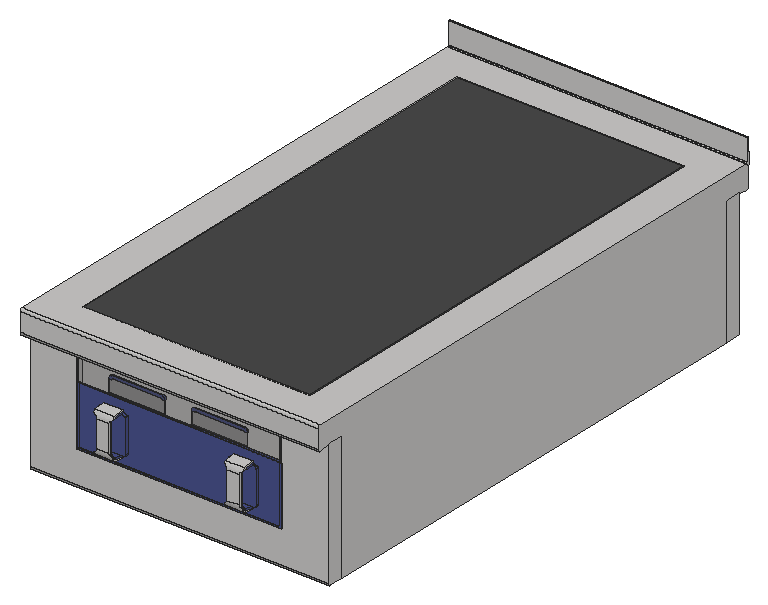
Revit family "QF_ELECTROLUXPROFESSIONAL_589016_MCCBABEOAO", category Specialty Equipment, Revit 2018
Family settings
  Round Connector Dimension = Use Diameter
  Part Type = Normal
  Work Plane-Based = No
  Always vertical = Yes
  Cut with Voids When Loaded = No
  Shared = No
  Room Calculation Point = No
Parameters
  Weight in Pounds = 52.91
  Watts = 8000 VA  # 8000 W
  Volts = 400 V  # constant formula
  URL Cutsheet = ""
  Type Mark [instance] = ""
  Status [instance] = ""
  Specification by User [instance] = ""
  Specification by Manufacturer = ""
  Show Clearance [instance] = yes
  Serial Number = ""
  Seismic Rating = ""
  SMACNA No = ""
  Revision Code [instance] = ""
  Phase = 3  # constant formula
  Omniclass Number and Title = ""
  Number of Poles [instance] = 1
  NAFEM Spec ID Number = ""
  Model = "589016"
  Min Ckt Ampacity = 0 A
  Max Overcurrent Protection = 0 A
  Masterspec = ""
  Manufacturer = "ELECTROLUX"
  Item Number [instance] = ""
  Installed By [instance] = ""
  Identify Quantity as Lot [instance] = yes
  HP = "10.7 HP"
  Furnished By [instance] = ""
  Foodservice Equipment Identifier [instance] = yes
  FL Amps [instance] = if(Phase = 3, Watts / (Volts * 1.73), Watts / Volts)  # 11.5607 A
  Electrical Remarks = "400 V/3N ph/50/60 Hz"  # constant formula
  Electric Connection Type [instance] = ""
  Elec Conn RI Height [instance] = 0 mm
  Elec Conn Connection Height [instance] = 0 mm
  Direct Waste Size = 0"
  Description = "INFRARED TOP,2 ZONES,1-S,BS,500X900X250H"
  Cycle [instance] = if([60 Hertz Option], 60 Hz, 50 Hz)  # 60 Hz
  Conn Plug = ""
  Conn Conduit = yes
  CSI MasterFormat = ""
  CSI Master Format = ""
  Apparent Power [instance] = if(Phase = 3, Volts * FL Amps * 1.73, Volts * FL Amps)  # 8000 VA
  60 Hertz Option [instance] = not([50 Hertz Option])  # yes
  50 Hertz Option [instance] = no
Reference planes
  plane 1 "BACK": y = 0
  plane 2: z = 0
  plane 3 "LEFT": x = 0
  plane 4 "RIGHT": x = 500
  plane 5 "FRONT": y = -900
  plane 6 "TOP": z = 250
  plane 7: x = 250
  plane 8: y = -450
  plane 9: z = 288
  plane 10: x = 455
Forms (mm)
  Extrusion 1, solid, material "QF_Finishes_Stainless Steel"
    sketch origin (0, -487.128, 0) x (0, 1, 0) y (0, 0, 1)
      loop
        line (483.128, 250) -> (-408.872, 250)
        arc (-408.872, 250) -> (-411.7, 248.828) -> (-412.872, 246) r 4
        line (-412.872, 246) -> (-412.872, 214)
        arc (-412.872, 214) -> (-411.443, 210.936) -> (-408.177, 210.061) r 4
        line (-408.177, 210.061) -> (-391.509, 213) -> (-366.872, 213) -> (-366.872, 0) -> (441.128, 0) -> (441.128, 213) -> (465.765, 213) -> (482.433, 210.061)
        arc (482.433, 210.061) -> (485.699, 210.936) -> (487.128, 214) r 4
        line (487.128, 214) -> (487.128, 246)
        arc (487.128, 246) -> (485.956, 248.828) -> (483.128, 250) r 4
    from 0 to 500
  Extrusion 2, solid, material "QF_Finishes_Stainless Steel"
    sketch origin (0, 0, 0) x (0, 1, 0) y (0, 0, 1)
      loop
        line (-46, 0) -> (-20, 0) -> (-20, 213) -> (-46, 213) -> (-46, 0)
    from 0 to 500
  Extrusion 3, void
    sketch origin (653.786, 44.048, 250) x (1, 0, 0) y (0, -1, 0)
      loop
        line (-593.786, 104.048) -> (-213.786, 104.048) -> (-213.786, 887.779) -> (-593.786, 887.779) -> (-593.786, 104.048)
    from 0 to 37
  Extrusion 4, solid, material "QF_Finishes_Stainless Steel"
    sketch origin (0, -854, 0) x (1, 0, 0) y (0, -1, 0)
      loop
        circle (455, -169) r 6.35
    from 0 to 3.2
  Extrusion 5, solid, material "QF_Finishes_Black"
    sketch origin (653.786, 44.048, 213) x (1, 0, 0) y (0, 1, 0)
      loop
        line (-593.786, -887.779) -> (-213.786, -887.779) -> (-213.786, -104.048) -> (-593.786, -104.048) -> (-593.786, -887.779)
    from 0 to 37
  Extrusion 6, solid, material "QF_Finishes_Stainless Steel"
    sketch origin (0, -950.048, 294.179) x (0, -1, 0) y (0, 0, -1)
      loop
        arc (-948.097, 42.179) -> (-947.511, 43.594) -> (-946.097, 44.179) r 2
        arc (-946.097, 44.179) -> (-948.877, 45.357) -> (-950.048, 48.185) r 4
        line (-950.048, 48.185) -> (-950.048, 6.179) -> (-948.097, 6.179) -> (-948.097, 42.179)
    from 0 to 500
Cuts and joins
  Extrusion 3 cuts Extrusion 1
Lines and regions (mm)
  symbolic lines
    curve 1: line (0, 0, 0) -> (500, 0, 0)
    curve 2: line (0, -900, 0) -> (0, 0, 0)
    curve 3: line (500, -900, 0) -> (0, -900, 0)
    curve 4: line (500, 0, 0) -> (500, -900, 0)
    curve 5: line (440, -843.73, 0) -> (440, -60, 0)
    curve 6: line (440, -60, 0) -> (60, -60, 0)
    curve 7: line (60, -60, 0) -> (60, -843.73, 0)
    curve 8: line (60, -843.73, 0) -> (440, -843.73, 0)
    curve 9: line (124.883, -902.326, 0) -> (124.883, -900, 0)
    curve 10: spline (130.551, -903.73, 0) -> (130.073, -903.657, 0) -> (129.595, -903.575, 0) -> (129.118, -903.486, 0) -> (128.642, -903.389, 0) -> (128.167, -903.283, 0) -> (127.693, -903.17, 0) -> (127.221, -903.049, 0) -> (126.75, -902.92, 0) -> (126.281, -902.783, 0) -> (125.813, -902.638, 0) -> (125.347, -902.486, 0) -> (124.883, -902.326, 0)
    curve 11: line (157.098, -902.326, 0) -> (157.098, -900, 0)
    curve 12: spline (157.098, -902.326, 0) -> (156.634, -902.486, 0) -> (156.168, -902.638, 0) -> (155.7, -902.783, 0) -> (155.231, -902.92, 0) -> (154.76, -903.049, 0) -> (154.287, -903.17, 0) -> (153.814, -903.283, 0) -> (153.339, -903.389, 0) -> (152.863, -903.486, 0) -> (152.386, -903.575, 0) -> (151.908, -903.657, 0) -> (151.429, -903.73, 0)
    curve 13: line (130.551, -903.73, 0) -> (151.429, -903.73, 0)
    curve 14: line (375.117, -902.326, 0) -> (375.117, -900, 0)
    curve 15: spline (369.449, -903.73, 0) -> (369.927, -903.657, 0) -> (370.405, -903.575, 0) -> (370.882, -903.486, 0) -> (371.358, -903.389, 0) -> (371.833, -903.283, 0) -> (372.307, -903.17, 0) -> (372.779, -903.049, 0) -> (373.25, -902.92, 0) -> (373.719, -902.783, 0) -> (374.187, -902.638, 0) -> (374.653, -902.486, 0) -> (375.117, -902.326, 0)
    curve 16: line (342.902, -902.326, 0) -> (342.902, -900, 0)
    curve 17: spline (342.902, -902.326, 0) -> (343.366, -902.486, 0) -> (343.832, -902.638, 0) -> (344.3, -902.783, 0) -> (344.769, -902.92, 0) -> (345.24, -903.049, 0) -> (345.713, -903.17, 0) -> (346.186, -903.283, 0) -> (346.661, -903.389, 0) -> (347.137, -903.486, 0) -> (347.614, -903.575, 0) -> (348.092, -903.657, 0) -> (348.571, -903.73, 0)
    curve 18: line (369.449, -903.73, 0) -> (348.571, -903.73, 0)
    curve 19: line (0, -1.951, 0) -> (500, -1.951, 0)
Dimensions and locks
  plane 3 "LEFT" to plane 4 "RIGHT" = 500 mm
  plane 5 "FRONT" to plane 1 "BACK" = 900 mm
  equal spacing: plane 3 "LEFT", plane 7, plane 4 "RIGHT"
  equal spacing: plane 5 "FRONT", plane 8, plane 1 "BACK"
  plane 6 "TOP" to level = 250 mm  (x2)
  plane 1 "BACK" to plane 5 "FRONT" = 900 mm
  Extrusion 4 sketch curve to plane 1 "BACK" = 685 mm
  Extrusion 4 sketch curve to plane 4 "RIGHT" = 45 mm
  plane 1 "BACK" to Extrusion 4 = 685 mm
  plane 10 to plane 4 "RIGHT" = 45 mm
  aligned and locked: level to plane 2
  aligned and locked: cut or joined group of Extrusion 1, Extrusion 3 to plane 4 "RIGHT"
  aligned and locked: Extrusion 2 to plane 4 "RIGHT"
  aligned and locked: plane 7 to nested 1
Automatic sketch dimensions
  Extrusion 2 sketch curve to Extrusion 2 sketch curve = 26 mm
  Extrusion 1 sketch curve to plane 5 "FRONT" = 0 mm
  Extrusion 1 sketch curve to plane 6 "TOP" = 0 mm
  Extrusion 1 sketch curve to level = 0 mm
  Extrusion 1 sketch curve to plane 1 "BACK" = 0 mm
  Extrusion 1 sketch curve to plane 6 "TOP" = 37 mm  (x2)
  Extrusion 1 sketch curve to plane 5 "FRONT" = 4 mm
  Extrusion 1 sketch curve to plane 5 "FRONT" = 21.363 mm
  Extrusion 1 sketch curve to plane 5 "FRONT" = 46 mm
  plane 1 "BACK" to Extrusion 1 sketch curve = 21.363 mm
  plane 1 "BACK" to Extrusion 1 sketch curve = 4 mm  (x2)
  Extrusion 1 sketch curve to Extrusion 1 sketch curve = 4 mm
  Extrusion 1 sketch curve to Extrusion 1 sketch curve = 0.695 mm
  Extrusion 1 sketch curve to Extrusion 1 sketch curve = 0 mm  (x4)
  plane 1 "BACK" to Extrusion 1 sketch curve = 4.695 mm
  Extrusion 1 sketch curve to Extrusion 1 sketch curve = 1 mm  (x2)
  plane 1 "BACK" to Extrusion 1 sketch curve = 46 mm
  Extrusion 1 to Extrusion 3 sketch curve = 60 mm  (x2)
  Extrusion 1 to Extrusion 3 sketch curve = 52.27 mm
  Extrusion 1 to Extrusion 3 sketch curve = 56 mm
  Extrusion 5 sketch curve to Extrusion 3 = 0 mm  (x3)
  Extrusion 3 to Extrusion 5 sketch curve = 0 mm
  Extrusion 6 sketch curve to plane 1 "BACK" = 0 mm  (x2)
  Extrusion 6 sketch curve to plane 1 "BACK" = 1.951 mm
  plane 9 to Extrusion 6 sketch curve = 36 mm
  Extrusion 6 sketch curve to Extrusion 6 sketch curve = 2 mm
  Extrusion 6 sketch curve to Extrusion 6 sketch curve = 0.049 mm
  Extrusion 6 sketch curve to Extrusion 6 sketch curve = 36 mm
  Extrusion 6 sketch curve to Extrusion 6 sketch curve = 4.006 mm
  Extrusion 6 sketch curve to Extrusion 6 sketch curve = 0 mm
  Extrusion 2 sketch curve to level = 0 mm
  plane 1 "BACK" to Extrusion 2 sketch curve = 20 mm
  Extrusion 2 sketch curve to plane 6 "TOP" = 37 mm
  plane 1 "BACK" to curve 1 = 0 mm
  curve 1 to plane 4 "RIGHT" = 0 mm
  curve 2 to plane 3 "LEFT" = 0 mm
  plane 5 "FRONT" to curve 3 = 0 mm
  plane 10 to curve 5 = 15 mm
  plane 5 "FRONT" to curve 14 = 2.326 mm
  plane 10 to curve 14 = 79.883 mm
  plane 5 "FRONT" to curve 18 = 3.73 mm
  curve 14 to curve 18 = 5.669 mm
  curve 18 to curve 18 = 20.878 mm
  plane 5 "FRONT" to curve 16 = 2.326 mm
  curve 18 to curve 16 = 5.669 mm
  plane 5 "FRONT" to curve 11 = 2.326 mm
  curve 11 to plane 7 = 92.902 mm
  plane 5 "FRONT" to curve 13 = 3.73 mm
  curve 11 to curve 13 = 5.669 mm
  curve 13 to curve 13 = 20.878 mm
  plane 5 "FRONT" to curve 9 = 2.326 mm
  curve 13 to curve 9 = 5.669 mm
  plane 3 "LEFT" to curve 6 = 60 mm
  plane 5 "FRONT" to curve 15 = 4.032 mm
  curve 18 to curve 15 = 4.17 mm
  curve 15 to curve 17 = 12.538 mm
  plane 5 "FRONT" to curve 12 = 4.032 mm
  curve 13 to curve 12 = 4.17 mm
  curve 12 to curve 10 = 12.538 mm
  plane 1 "BACK" to curve 6 = 60 mm
  curve 5 to plane 5 "FRONT" = 56.27 mm
  plane 1 "BACK" to curve 19 = 1.951 mm
  curve 17 to curve 15 = 0 mm
  curve 10 to curve 12 = 0 mm
  radius of Extrusion 4 sketch curve = 6.35 mm
Nested families
  nested 1: "IDT_900_500 mm Double Control Front Panel" at (252.376, -854, -650), type "IDT_900_500 mm Double Control Front Panel"
Connectors
  electrical at (455, -685, -3.2), driven by "Volts", driven by "Watts"
    settings: on Extrusion 4, index 1, voltage 400 V, apparent load 8000 VA, apparent load phase1 0 VA, apparent load phase2 0 VA, apparent load phase3 0 VA, power factor 1, load classification "Other", number of poles 1, system type 30, power factor state 1, is connector primary yes, connector utility no, sub classification motor no, connector description "ELECTRICAL CONNECTION"
Definition of nested family "IDT_900_500 mm Double Control Front Panel"
  Parameters
    Length = 500 mm
  Reference planes
    plane 1 "Center (Front/Back)": y = 0
    plane 2: z = 0
    plane 3 "Center (Left/Right)": x = -2.376
    plane 4: x = -252.376
    plane 5: x = 247.624
  Forms (mm)
    Extrusion 1, solid
      sketch origin (833.217, 829.203, -1.25) x (0, 1, 0) y (0, 0, 1)
        loop
          arc (-854.203, 654.25) -> (-853.324, 652.129) -> (-851.203, 651.25) r 3
          line (-851.203, 651.25) -> (-829.203, 651.25) -> (-829.203, 864.25) -> (-854.203, 864.25) -> (-854.203, 654.25)
      from -1085.593 to -585.593
    Extrusion 2, void
      sketch origin (33.217, 829.203, -1.25) x (1, 0, 0) y (0, 0, 1)
        loop
          line (-207.593, 852.364) -> (-207.593, 710.364) -> (136.407, 710.364) -> (136.407, 852.364) -> (-207.593, 852.364)
      from 843.409 to 854.203
  Cuts and joins
    Extrusion 2 cuts Extrusion 1
  Dimensions and locks
    equal spacing: plane 5, plane 3 "Center (Left/Right)", plane 4
    "Length": plane 5 to plane 4
    locked: nested 2 to plane 4 at 117.396
    locked: plane 5 to nested 1 at 117
    locked: nested 2 to plane 4 at 141.217
    locked: plane 5 to nested 1 at 140.821
    aligned and locked: cut or joined group of Extrusion 1, Extrusion 2 to plane 4
    aligned and locked: plane 5 to cut or joined group of Extrusion 1, Extrusion 2
    aligned and locked: plane 3 "Center (Left/Right)" to nested 3
  Automatic sketch dimensions
    Extrusion 1 sketch curve to plane 1 "Center (Front/Back)" = 0 mm
    plane 1 "Center (Front/Back)" to Extrusion 1 sketch curve = 22 mm
    Extrusion 1 sketch curve to Extrusion 1 sketch curve = 3 mm
    level to Extrusion 1 sketch curve = 650 mm
    Extrusion 1 sketch curve to Extrusion 1 sketch curve = 210 mm
    plane 4 to Extrusion 2 sketch curve = 78 mm
    Extrusion 2 sketch curve to plane 5 = 78 mm
    level to Extrusion 2 sketch curve = 709.114 mm
    Extrusion 2 sketch curve to Extrusion 2 sketch curve = 142 mm
  Nested families
    nested 1: "Range Control Handle" at (106.804, -28.137, -209.113), type "Range Control Handle"
    nested 2: "Range Control Handle" at (-111.159, -28.137, -209.113) x (-1, 0, 0) z (0, 0, 1), type "Range Control Handle"
    nested 3: "glass conrol panel One Right Side" at (-2.376, 278.697, 0), type "glass conrol panel One Right Side"
  Definition of nested family "Range Control Handle"
    Reference planes
      plane 1 "Center (Front/Back)": y = 0
      plane 2: z = 0
      plane 3 "Center (Left/Right)": x = 0
      plane 4: z = 971.092
    Forms (mm)
      Extrusion 1, solid
        sketch origin (-746.28, 380.497, 208.931) x (-1, 0, 0) y (0, 0, 1)
          loop
            line (-770.101, 786.798) -> (-770.101, 731.649)
            arc (-770.101, 731.649) -> (-769.759, 730.563) -> (-768.855, 729.87) r 1.893
            line (-768.855, 729.87) -> (-763.474, 727.911) -> (-729.81, 727.911) -> (-724.428, 729.87)
            arc (-724.428, 729.87) -> (-723.525, 730.563) -> (-723.183, 731.649) r 1.893
            line (-723.183, 731.649) -> (-723.183, 786.798)
            arc (-723.183, 786.798) -> (-723.529, 787.894) -> (-724.44, 788.593) r 1.91
            line (-724.44, 788.593) -> (-729.683, 790.819) -> (-763.601, 790.819) -> (-768.844, 788.593)
            arc (-768.844, 788.593) -> (-769.755, 787.894) -> (-770.101, 786.798) r 1.91
        from -382.35 to -378.852
      Sweep 2, solid
        path origin (-746.788, 380.496, 208.091) x (0, -1, 0) y (0, 0, 1)
          loop
            line (379.775, 793.281) -> (395.661, 791.048)
            arc (395.661, 791.048) -> (397.781, 787.377) -> (398.517, 783.202) r 12.207
            line (398.517, 783.202) -> (398.517, 737.368)
            arc (398.517, 737.368) -> (397.781, 733.193) -> (395.661, 729.522) r 12.207
            line (395.661, 729.522) -> (379.775, 727.289)
        profile origin (-746.788, -7.222, 1000.256) x (0, -0.139173, 0.990268) y (-1, 0, 0)
          loop
            line (0.782, -763.123) -> (0.782, -730.907) -> (-1.322, -730.907) -> (-1.322, -763.123) -> (0.782, -763.123)
      Sweep 3, solid
        path origin (-746.788, 380.715, 207.832) x (0, -1, 0) y (0, 0, 1)
          loop
            line (380.478, 795.442) -> (397.218, 793.09)
            arc (397.218, 793.09) -> (399.929, 788.473) -> (400.871, 783.202) r 15.207
            line (400.871, 783.202) -> (400.871, 737.584)
            arc (400.871, 737.584) -> (399.914, 732.274) -> (397.164, 727.633) r 15.207
            line (397.164, 727.633) -> (380.601, 725.305)
        profile origin (-746.788, -8.132, 1002.099) x (0, -0.139173, 0.990268) y (-1, 0, 0)
          loop
            line (0.782, -763.123) -> (0.782, -730.907) -> (-1.322, -730.907) -> (-1.322, -763.123) -> (0.782, -763.123)
      Extrusion 4, void
        sketch origin (889.253, 220.666, 207.993) x (1, 0, 0) y (0, 0, 1)
          loop
            line (-943.038, 816.854) -> (-943.038, 703.686) -> (-899.466, 734.196) -> (-899.466, 786.344) -> (-943.038, 816.854)
        from 230.636 to 242.25
      Extrusion 5, void
        sketch origin (-888.8, 220.666, 207.993) x (-1, 0, 0) y (0, 0, -1)
          loop
            line (-943.038, -816.854) -> (-899.466, -786.344) -> (-899.466, -734.196) -> (-943.038, -703.686) -> (-943.038, -816.854)
        from 230.636 to 242.25
      Extrusion 6, solid
        sketch origin (0, 0, 0) x (1, 0, 0) y (0, 0, 1)
          loop
            circle (0, 971.092) r 7.736
        from -3.137 to -1.645
    Cuts and joins
      Extrusion 4, Extrusion 5 cuts Sweep 3
      Extrusion 4, Extrusion 5 cuts Sweep 2
      joined: Extrusion 1, Extrusion 6
    Lines and regions (mm)
      symbolic lines
        curve 1: line (23.821, 1.645, 0) -> (-23.097, 1.645, 0)
        curve 2: line (16.334, -1.853, 0) -> (23.821, -1.853, 0)
        curve 3: line (-15.881, -19.189, 0) -> (-15.881, -1.853, 0)
        curve 4: line (-23.097, -1.853, 0) -> (-15.881, -1.853, 0)
        curve 5: line (16.334, -19.189, 0) -> (16.334, -1.853, 0)
        curve 6: spline (-15.881, -19.189, 0) -> (-15.417, -19.349, 0) -> (-14.951, -19.501, 0) -> (-14.483, -19.646, 0) -> (-14.014, -19.783, 0) -> (-13.543, -19.912, 0) -> (-13.071, -20.033, 0) -> (-12.597, -20.146, 0) -> (-12.122, -20.251, 0) -> (-11.646, -20.349, 0) -> (-11.169, -20.438, 0) -> (-10.691, -20.52, 0) -> (-10.213, -20.593, 0)
        curve 7: spline (10.666, -20.593, 0) -> (11.144, -20.52, 0) -> (11.622, -20.438, 0) -> (12.099, -20.349, 0) -> (12.575, -20.251, 0) -> (13.05, -20.146, 0) -> (13.524, -20.033, 0) -> (13.996, -19.912, 0) -> (14.467, -19.783, 0) -> (14.936, -19.646, 0) -> (15.404, -19.501, 0) -> (15.87, -19.349, 0) -> (16.334, -19.189, 0)
        curve 8: line (-10.213, -20.938, 0) -> (10.716, -20.938, 0)
        curve 9: line (-23.097, 1.645, 0) -> (-23.097, -1.853, 0)
        curve 10: line (23.821, 1.645, 0) -> (23.821, -1.853, 0)
  Definition of nested family "glass conrol panel One Right Side"
    Reference planes
      plane 1 "Center (Front/Back)": y = 0
      plane 2: z = 0
      plane 3 "Center (Left/Right)": x = 0
    Forms (mm)
      Extrusion 1, solid
        sketch origin (378.286, 0, 0.617) x (1, 0, 0) y (0, 0, 1)
          loop
            line (-550.286, 806.791) -> (-550.286, 708.497) -> (-206.286, 708.497) -> (-206.286, 806.791) -> (-550.286, 806.791)
        from 300.031 to 304.8
      Extrusion 2, solid
        sketch origin (378.286, 0, 0.617) x (1, 0, 0) y (0, 0, 1)
          loop
            line (-550.286, 850.497) -> (-550.286, 806.791) -> (-206.286, 806.791) -> (-206.286, 850.497) -> (-550.286, 850.497)
        from 300.031 to 304.8
      Extrusion 3, void
        sketch origin (378.286, 0, 0.617) x (1, 0, 0) y (0, 0, 1)
          loop
            line (-547.628, 847.565) -> (-547.628, 710.699) -> (-209.196, 710.699) -> (-209.196, 847.565) -> (-547.628, 847.565)
        from 303.697 to 304.8
      Extrusion 4, solid
        sketch origin (377.536, 1.101, -0.633) x (1, 0, 0) y (0, 0, 1)
          loop
            line (-261.431, 812.62) -> (-261.431, 834.177) -> (-266.24, 834.177) -> (-268.039, 835.977) -> (-348.469, 835.977) -> (-350.269, 834.177) -> (-355.186, 834.177) -> (-355.186, 812.62) -> (-261.431, 812.62)
        from 304.798 to 306.745
      Extrusion 5, solid
        sketch origin (377.536, 1.101, -0.633) x (1, 0, 0) y (0, 0, 1)
          loop
            line (-350.269, 834.177) -> (-348.469, 835.977) -> (-268.039, 835.977) -> (-266.24, 834.177) -> (-261.529, 834.177)
            arc (-261.529, 834.177) -> (-262.706, 838.752) -> (-266.98, 840.763) r 5.549
            line (-266.98, 840.763) -> (-349.686, 840.763)
            arc (-349.686, 840.763) -> (-353.942, 838.747) -> (-355.078, 834.177) r 5.5
            line (-355.078, 834.177) -> (-350.269, 834.177)
        from 304.798 to 306.745
      Extrusion 6, solid
        sketch origin (-377.536, 1.101, -0.633) x (-1, 0, 0) y (0, 0, -1)
          loop
            line (-261.431, -812.62) -> (-355.186, -812.62) -> (-355.186, -834.177) -> (-350.269, -834.177) -> (-348.469, -835.977) -> (-268.039, -835.977) -> (-266.24, -834.177) -> (-261.431, -834.177) -> (-261.431, -812.62)
        from 304.798 to 306.745
      Extrusion 7, solid
        sketch origin (-377.536, 1.101, -0.633) x (-1, 0, 0) y (0, 0, -1)
          loop
            line (-350.269, -834.177) -> (-355.078, -834.177)
            arc (-355.078, -834.177) -> (-353.942, -838.747) -> (-349.686, -840.763) r 5.5
            line (-349.686, -840.763) -> (-266.98, -840.763)
            arc (-266.98, -840.763) -> (-262.706, -838.752) -> (-261.529, -834.177) r 5.549
            line (-261.529, -834.177) -> (-266.24, -834.177) -> (-268.039, -835.977) -> (-348.469, -835.977) -> (-350.269, -834.177)
        from 304.798 to 306.745
    Cuts and joins
      Extrusion 3 cuts Extrusion 1
      Extrusion 3 cuts Extrusion 2
      Extrusion 3 cuts Extrusion 4
      Extrusion 3 cuts Extrusion 5
    Dimensions and locks
      aligned and locked: Extrusion 1 to Extrusion 2
      aligned and locked: Extrusion 5 sketch curve to Extrusion 4  (x4)
      aligned and locked: Extrusion 4 to Extrusion 5 sketch curve
      aligned and locked: Extrusion 5 to Extrusion 4
      aligned and locked: Extrusion 7 sketch curve to Extrusion 6  (x5)
      aligned and locked: Extrusion 7 to Extrusion 6
